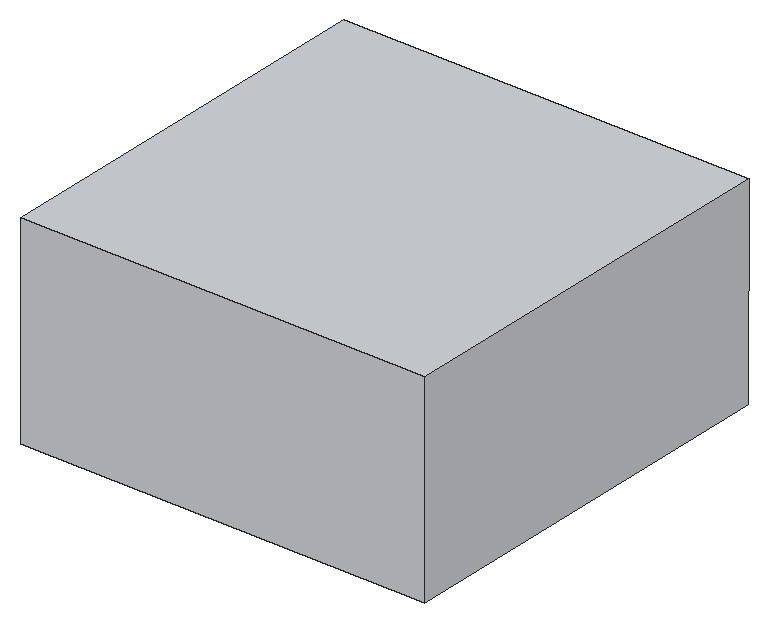
Revit family "Junction Box with Isolated Ground Outlet", category Electrical Fixtures, host Face, Revit 2025
Family settings
  Host = Face
  Round Connector Dimension = Use Diameter
  Part Type = Junction Box
  Cut with Voids When Loaded = No
  Maintain Annotation Orientation = Yes
  Shared = No
  Room Calculation Point = No
Parameters (values of type "Wall Mounted")
  Width = 3"
  Wall Mounted = not(Face Mounted)  # yes
  Symbol Distance [instance] = 0"
  Height = 3"
  Face Mounted = no
  Depth - Top = Depth * 2 / 3  # 1"
  Depth - Back = Depth * 1 / 3  # 1/2"
  Depth = 1 1/2"
  Default Elevation = 48"
Types (2): name | Wall Mounted | Face Mounted
  Face Mounted | no | yes
  Wall Mounted | yes | no
Reference planes (in)
  plane 1 "Center (Front/Back)": y = 0
  plane 2: z = 0
  plane 3 "Center (Left/Right)": x = 0
  plane 4: z = 1
  plane 5 "base": z = -0.5
Forms (in)
  Extrusion 1, solid
    sketch origin (0, 0, -0.5) x (-1, 0, 0) y (0, -1, 0)
      loop
        line (1.5, -1.5) -> (1.5, 1.5) -> (-1.5, 1.5) -> (-1.5, -1.5) -> (1.5, -1.5)
    from 0 to 1.5
Dimensions and locks (in)
  equal spacing: Extrusion 1 sketch curve, plane 3 "Center (Left/Right)", Extrusion 1 sketch curve
  "Width": Extrusion 1 sketch curve to Extrusion 1 sketch curve
  "Height": Extrusion 1 sketch curve to Extrusion 1 sketch curve
  equal spacing: Extrusion 1 sketch curve, plane 1 "Center (Front/Back)", Extrusion 1 sketch curve
  "Depth - Back": plane 2 to plane 5 "base"
  "Depth - Top": plane 4 to plane 2
  aligned and locked: plane 2 to host face
  aligned and locked: level to host face
  aligned and locked: plane 4 to Extrusion 1
Automatic sketch dimensions
  host sketch curve to host sketch curve = 96"  (x2)
Nested families (in)
  nested 1: "Face Mounted" at (0, 0, 0), visible <- "Face Mounted", type "Standard"
  nested 2: "Wall Mounted" at (0, 0, 0), visible <- "Wall Mounted", type "Standard"
Connectors (in)
  electrical at (0, 0, 1)
    settings: on Extrusion 1, index 1, voltage 0 V, apparent load 0 VA, apparent load phase1 0 VA, apparent load phase2 0 VA, apparent load phase3 0 VA, power factor 1, load classification "Other", number of poles 1, system type 31, power factor state 1, is connector primary yes, connector utility no, sub classification motor no, connector description ""
Definition of nested family "Face Mounted"
  Reference planes (in)
    plane 1: y = 0
    plane 2: x = 0
  Lines and regions (in)
    Filled region 1, type "Solid Black"
      outline origin (-0.02462, 0.02136, 0) x (1, 0, 0) y (0, 1, 0)
        loop
          line (0.02462, -0.14636) -> (0.13287, 0.04114) -> (-0.08364, 0.04114) -> (0.02462, -0.14636)
    detail lines
      curve 1: circle (0, 0, 0) r 0.125 normal (0, 0, 1)
Definition of nested family "Wall Mounted"
  Parameters (values of type "Standard")
    Symbol Distance = 0"
  Reference planes (in)
    plane 1: y = 0
    plane 2: x = 0
  Lines and regions (in)
    Filled region 1, type "Solid Black"
      outline origin (0, 0, 0) x (1, 0, 0) y (0, 1, 0)
        loop
          line (0, 0) -> (0.10825, 0.1875) -> (-0.10825, 0.1875) -> (0, 0)
    Filled region 2, type "Solid Black", not visible
      outline origin (0, 0, 0) x (1, 0, 0) y (0, 1, 0)
        loop
          line (0, 0) -> (0.10825, 0.1875) -> (-0.10825, 0.1875) -> (0, 0)
    detail lines
      curve 1: circle (0, 0.125, 0) r 0.125 normal (0, 0, 1)
    reference lines
      curve 2: line (-0.15017, 0, 0) -> (0.17734, 0, 0)
    detail lines, not visible
      curve 3: circle (0, 0.125, 0) r 0.125 normal (0, 0, 1)
    reference lines, not visible
      curve 4: line (-0.15017, 0, 0) -> (0.17734, 0, 0)
  Dimensions and locks (in)
    "Symbol Distance": plane 1 to curve 2
  Automatic sketch dimensions
    Filled region 1 sketch curve to Filled region 1 sketch curve = 0.10825"  (x2)
    Filled region 1 sketch curve to Filled region 1 sketch curve = 3/16"
    Filled region 2 sketch curve to Filled region 2 sketch curve = 0.10825"  (x2)
    Filled region 2 sketch curve to Filled region 2 sketch curve = 3/16"
